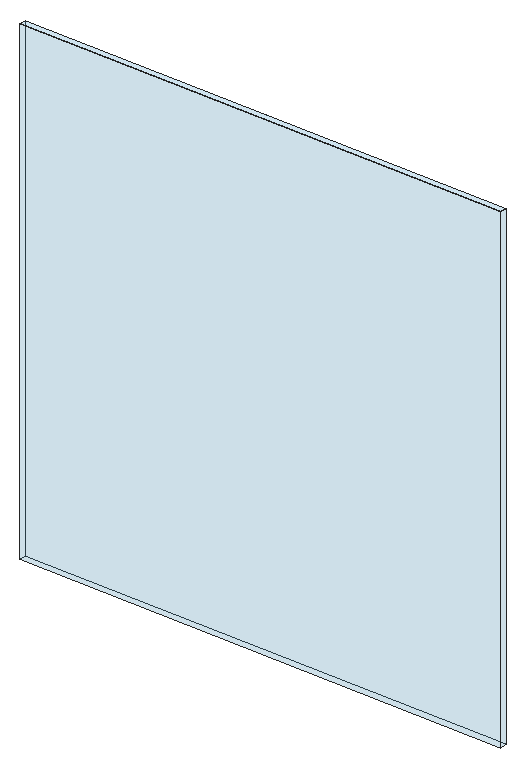
Revit family
Parameters (values of type "72" x 72"")
  Sealant = 0' - 0 3/8"
  Pocket Depth [instance] = 0' - 0 1/2"
  Head Height = Sill Height + Rough Height - Sealant  # 8' - 11 5/8"
  Depth [instance] = 0' - 10"
  Sill Height = 3' - 0"
  Rough Width = 6' - 0"
  Rough Height = 6' - 0"
  Model = "OPG2900"
  Material = ""
  Manufacturer = "Arcadia"
  Sightline = 0' - 2 7/8"
  Height = Rough Height - Sealant - Sealant  # 5' - 11 1/4"
  Wall Closure = (empty or 0)
  Width = Rough Width - Sealant - Sealant  # 5' - 11 1/4"
  Glass Thickness [instance] = 0' - 1"
  Offset to Inside Face of Glass [instance] = 0' - 8 5/16"
  Construction Type = "Aluminum"
  Center of Rough Opening [instance] = Rough Width / 2  # 3' - 0"
  Center of Glass [instance] = Glass Thickness / 2  # 0' - 0 1/2"
  Center Wall to Outside Face [instance] = 0' - 2 7/8"
  Assembly Code = ""
Reference planes (in)
  plane 1 "Center (Front/Back)": y = 0
  plane 2: z = 0
  plane 3 "Center (Left/Right)": x = 12
  plane 4 "Rough Opening Bottom": z = 36
  plane 5 "Rough Opening Top": z = 108
  plane 6 "Exterior Face": y = 2.25
  plane 7 "Frame Top": z = 105.125
  plane 8 "Frame Bottom": z = 38.875
  plane 9 "Rough Opening Left": x = -24
  plane 10 "Rough Opening Right": x = 48
  plane 11 "Frame Left": x = -21.125
  plane 12 "Frame Right": x = 45.125
  plane 13 "Exterior Glass Edge": y = 0.73644
  plane 14 "Interior Glass Edge": y = -0.26356
  plane 15 "Glass Centerline": y = 0.23644
  plane 16 "Frame Outside": y = 1.42394
  plane 17 "Frame Inside": y = -8.57606
  plane 18: z = 105.625
  plane 19: z = 38.375
  plane 20: x = 45.625
  plane 21: x = -21.625
  plane 22: x = 47.625
  plane 23: x = -23.625
  plane 24: z = 107.625
  plane 25: z = 36.375
Forms (in)
  Extrusion 1, solid, material "Anodize Arcadia AC2 Clear #11", detail levels coarse
    sketch origin (0, 0, 36) x (0, -1, 0) y (1, 0, 0)
      loop
        line (-1.42394, -24) -> (8.57606, -24) -> (8.57606, -21.125) -> (0.26356, -21.125) -> (0.26356, -21.625) -> (-0.73644, -21.625) -> (-0.73644, -21.125) -> (-1.42394, -21.125) -> (-1.42394, -24)
    from 0 to 72 <- "Rough Height"
  Extrusion 2, solid, material "Anodize Arcadia AC2 Clear #11", detail levels coarse
    sketch origin (0, 0, 36) x (0, -1, 0) y (1, 0, 0)
      loop
        line (-1.42394, 45.125) -> (-0.73644, 45.125) -> (-0.73644, 45.625) -> (0.26356, 45.625) -> (0.26356, 45.125) -> (8.57606, 45.125) -> (8.57606, 48) -> (-1.42394, 48) -> (-1.42394, 45.125)
    from 0 to 72 <- "Rough Height"
  Extrusion 3, solid, material "Glass"
    sketch origin (-0.5, 0, 36) x (0, -1, 0) y (1, 0, 0)
      loop
        line (-0.73644, -21.125) -> (0.26356, -21.125) -> (0.26356, 46.125) -> (-0.73644, 46.125) -> (-0.73644, -21.125)
    from 2.375 to 69.625
  Extrusion 4, solid, material "Anodize Arcadia AC2 Clear #11", detail levels coarse
    sketch origin (-24, 0, 0) x (0, 1, 0) y (0, 0, 1)
      loop
        line (-8.57606, 108) -> (-8.57606, 105.125) -> (-0.26356, 105.125) -> (-0.26356, 105.625) -> (0.73644, 105.625) -> (0.73644, 105.125) -> (1.42394, 105.125) -> (1.42394, 108) -> (-8.57606, 108)
    from 0 to 72 <- "Rough Width"
  Extrusion 5, solid, material "Anodize Arcadia AC2 Clear #11", detail levels coarse
    sketch origin (-24, 0, 0) x (0, 1, 0) y (0, 0, 1)
      loop
        line (1.42394, 38.875) -> (0.73644, 38.875) -> (0.73644, 38.375) -> (-0.26356, 38.375) -> (-0.26356, 38.875) -> (-8.57606, 38.875) -> (-8.57606, 36) -> (1.42394, 36) -> (1.42394, 38.875)
    from 0 to 72 <- "Rough Width"
  Extrusion 6, void
    sketch origin (0, 0, 36) x (0, -1, 0) y (1, 0, 0)
      loop
        line (-2.25, -24) -> (5.75, -24) -> (5.75, 48) -> (-2.25, 48) -> (-2.25, -24)
    from 0 to 72 <- "Rough Height"
Lines and regions (in)
  symbolic lines, detail levels coarse
    curve 1: line (-24, 1.42394, 0) -> (-21.125, 1.42394, 0)
    curve 2: line (-21.125, 1.42394, 0) -> (-21.125, 0.73644, 0)
    curve 3: line (45.625, 0.73644, 0) -> (-21.625, 0.73644, 0)
    curve 4: line (-21.625, 0.73644, 0) -> (-21.625, -0.26356, 0)
    curve 5: line (-21.625, -0.26356, 0) -> (45.625, -0.26356, 0)
    curve 6: line (-21.125, -0.26356, 0) -> (-21.125, -8.57606, 0)
    curve 7: line (-21.125, -8.57606, 0) -> (-24, -8.57606, 0)
    curve 8: line (-24, -8.57606, 0) -> (-24, 1.42394, 0)
    curve 9: line (48, 1.42394, 0) -> (45.125, 1.42394, 0)
    curve 10: line (45.125, 1.42394, 0) -> (45.125, 0.73644, 0)
    curve 11: line (45.625, 0.73644, 0) -> (45.625, -0.26356, 0)
    curve 12: line (45.125, -0.26356, 0) -> (45.125, -8.57606, 0)
    curve 13: line (45.125, -8.57606, 0) -> (48, -8.57606, 0)
    curve 14: line (48, -8.57606, 0) -> (48, 1.42394, 0)
Text (in)
  text "EXTERIOR" at (-58.6888, 50.90694, 0), in view "Ref. Level"
  text "INTERIOR" at (-58.6888, -37.76638, 0), in view "Ref. Level"
  text "Exterior" at (0, 43.65631, 123.19604), in view "Left"
  text "Exterior" at (0, 18.29385, 125.04747), in view "Right"
Dimensions and locks (in)
  "Rough Height": plane 4 "Rough Opening Bottom" to plane 5 "Rough Opening Top"
  "Sill Height": plane 2 to plane 4 "Rough Opening Bottom"
  "Sightline": plane 7 "Frame Top" to plane 5 "Rough Opening Top"
  "Sightline": plane 4 "Rough Opening Bottom" to plane 8 "Frame Bottom"
  "Rough Width": plane 9 "Rough Opening Left" to plane 10 "Rough Opening Right"
  "Sightline": plane 9 "Rough Opening Left" to plane 11 "Frame Left"
  "Sightline": plane 12 "Frame Right" to plane 10 "Rough Opening Right"
  "Depth": plane 17 "Frame Inside" to plane 16 "Frame Outside"
  "Glass Thickness": plane 13 "Exterior Glass Edge" to plane 14 "Interior Glass Edge"
  "Center of Glass": plane 15 "Glass Centerline" to plane 14 "Interior Glass Edge"
  "Center of Rough Opening": plane 9 "Rough Opening Left" to plane 3 "Center (Left/Right)"
  "Offset to Inside Face of Glass": plane 17 "Frame Inside" to plane 14 "Interior Glass Edge"
  "Pocket Depth": plane 12 "Frame Right" to plane 20
  "Pocket Depth": plane 21 to plane 11 "Frame Left"
  "Pocket Depth": plane 7 "Frame Top" to plane 18
  "Pocket Depth": plane 19 to plane 8 "Frame Bottom"
  "Sealant": plane 22 to plane 10 "Rough Opening Right"
  "Sealant": plane 9 "Rough Opening Left" to plane 23
  "Sealant": plane 24 to plane 5 "Rough Opening Top"
  "Sealant": plane 4 "Rough Opening Bottom" to plane 25
  aligned and locked: plane 6 "Exterior Face" to host wall
  aligned and locked: Extrusion 1 sketch curve to plane 17 "Frame Inside"
  aligned and locked: plane 16 "Frame Outside" to Extrusion 1 sketch curve
  aligned and locked: Extrusion 1 sketch curve to plane 11 "Frame Left"
  aligned and locked: plane 9 "Rough Opening Left" to Extrusion 1 sketch curve
  aligned and locked: plane 12 "Frame Right" to Extrusion 2 sketch curve
  aligned and locked: Extrusion 2 sketch curve to plane 10 "Rough Opening Right"
  aligned and locked: Extrusion 2 sketch curve to plane 17 "Frame Inside"
  aligned and locked: plane 16 "Frame Outside" to Extrusion 2 sketch curve
  aligned and locked: Extrusion 3 sketch curve to plane 13 "Exterior Glass Edge"
  aligned and locked: plane 14 "Interior Glass Edge" to Extrusion 3 sketch curve
  aligned and locked: plane 5 "Rough Opening Top" to Extrusion 4 sketch curve
  aligned and locked: Extrusion 4 sketch curve to plane 7 "Frame Top"
  aligned and locked: Extrusion 4 sketch curve to plane 17 "Frame Inside"
  aligned and locked: plane 16 "Frame Outside" to Extrusion 4 sketch curve
  aligned and locked: Extrusion 5 sketch curve to plane 4 "Rough Opening Bottom"
  aligned and locked: plane 8 "Frame Bottom" to Extrusion 5 sketch curve
  aligned and locked: Extrusion 5 sketch curve to plane 17 "Frame Inside"
  aligned and locked: plane 16 "Frame Outside" to Extrusion 5 sketch curve
  aligned and locked: plane 4 "Rough Opening Bottom" to nested 3
  aligned and locked: nested 2 to plane 5 "Rough Opening Top"
  aligned and locked: plane 19 to Extrusion 3
  aligned and locked: Extrusion 3 to plane 18
  aligned and locked: plane 17 "Frame Inside" to nested 3
  aligned and locked: nested 1 to plane 16 "Frame Outside"
  aligned and locked: plane 10 "Rough Opening Right" to nested 1
  aligned and locked: nested 4 to plane 9 "Rough Opening Left"
  aligned and locked: plane 17 "Frame Inside" to nested 4
  aligned and locked: plane 13 "Exterior Glass Edge" to Extrusion 5 sketch curve
  aligned and locked: Extrusion 5 sketch curve to plane 14 "Interior Glass Edge"
  aligned and locked: plane 19 to Extrusion 5 sketch curve
  aligned and locked: Extrusion 4 sketch curve to plane 13 "Exterior Glass Edge"
  aligned and locked: plane 18 to Extrusion 4 sketch curve
  aligned and locked: plane 14 "Interior Glass Edge" to Extrusion 4 sketch curve
  aligned and locked: plane 14 "Interior Glass Edge" to Extrusion 2 sketch curve
  aligned and locked: Extrusion 2 sketch curve to plane 20
  aligned and locked: Extrusion 2 sketch curve to plane 13 "Exterior Glass Edge"
  aligned and locked: Extrusion 1 sketch curve to plane 14 "Interior Glass Edge"
  aligned and locked: Extrusion 1 sketch curve to plane 21
  aligned and locked: plane 13 "Exterior Glass Edge" to Extrusion 1 sketch curve
  aligned and locked: plane 16 "Frame Outside" to curve 1
  aligned and locked: plane 9 "Rough Opening Left" to curve 8
  aligned and locked: curve 2 to plane 11 "Frame Left"
  aligned and locked: curve 6 to plane 11 "Frame Left"
  aligned and locked: curve 4 to plane 21
  aligned and locked: curve 7 to plane 17 "Frame Inside"
  aligned and locked: curve 5 to plane 14 "Interior Glass Edge"
  aligned and locked: plane 13 "Exterior Glass Edge" to curve 3
  aligned and locked: curve 10 to plane 12 "Frame Right"
  aligned and locked: curve 12 to plane 12 "Frame Right"
  aligned and locked: curve 11 to plane 20
  aligned and locked: plane 10 "Rough Opening Right" to curve 14
  aligned and locked: curve 9 to plane 16 "Frame Outside"
  aligned and locked: plane 17 "Frame Inside" to curve 13
  aligned and locked: nested 2 to plane 16 "Frame Outside"
  aligned and locked: plane 9 "Rough Opening Left" to import instance
  aligned and locked: import instance to plane 16 "Frame Outside"
  aligned and locked: plane 10 "Rough Opening Right" to import instance
  aligned and locked: plane 16 "Frame Outside" to import instance
  aligned and locked: import instance to plane 17 "Frame Inside"
  aligned and locked: plane 5 "Rough Opening Top" to import instance
  aligned and locked: plane 17 "Frame Inside" to import instance
  aligned and locked: import instance to plane 4 "Rough Opening Bottom"
  aligned and locked: level to plane 2
  aligned and locked: plane 9 "Rough Opening Left" to Extrusion 6 sketch curve
  aligned and locked: plane 6 "Exterior Face" to Extrusion 6 sketch curve
  aligned and locked: host wall to Extrusion 6 sketch curve
  aligned and locked: plane 10 "Rough Opening Right" to Extrusion 6 sketch curve
Automatic sketch dimensions
  Extrusion 3 sketch curve to plane 21 = 0' - 0"
  Extrusion 3 sketch curve to plane 20 = 0' - 0"
  Extrusion 5 sketch curve to plane 8 "Frame Bottom" = 0' - 0"
  Extrusion 4 sketch curve to plane 7 "Frame Top" = 0' - 0"
  Extrusion 2 sketch curve to plane 12 "Frame Right" = 0' - 0"
  Extrusion 1 sketch curve to plane 11 "Frame Left" = 0' - 0"
Nested families (in)
  nested 1: "Window-Arcadia-OPG23011-Med-Jamb-R" at (46.9375, 0.23644, 0) x (-1, 0, 0) z (0, 0, 1), type "Window-Arcadia-OPG23011Med-Jamb-R", detail levels medium
    with Sightline 0' - 2 7/8", Pocket Depth 0' - 0 1/2", Offset to Inside Face of Glass 0' - 8 5/16", Glass Width 0' - 1", Frame Wall Thickness 0' - 0 3/32", Depth 0' - 10", Center of Glass 0' - 0 1/2"
  nested 2: "Window-Arcadia-OPG23011-Med-Head" at (33.875, 0.23644, 108) x (0, -1, 0) z (1, 0, 0), type "Window-Arcadia-OPG23011-Med-Head", detail levels medium
    with Sightline 0' - 2 7/8", Pocket Depth 0' - 0 1/2", Offset to Inside Face of Glass 0' - 8 5/16", Glass Width 0' - 1", Frame Wall Thickness 0' - 0 3/32", Depth 0' - 10", Center of Glass 0' - 0 1/2"
  nested 3: "Window-Arcadia-OPG23011-Med-Sill" at (33.875, 0.23644, 36) x (0, -1, 0) z (1, 0, 0), type "Window-Arcadia-OPG23011-Med-Sill", detail levels medium
    with Sightline 0' - 2 7/8", Pocket Depth 0' - 0 1/2", Offset to Inside Face of Glass 0' - 8 5/16", Glass Width 0' - 1", Frame Wall Thickness 0' - 0 3/32", Depth 0' - 10", Center of Glass 0' - 0 1/2"
  nested 4: "Window-Arcadia-OPG23011-Med-Jamb-L" at (-22.9375, 0.23644, 0) x (-1, 0, 0) z (0, 0, 1), type "Window-Arcadia-OPG23011Med-Jamb-L", detail levels medium
    with Sightline 0' - 2 7/8", Pocket Depth 0' - 0 1/2", Offset to Inside Face of Glass 0' - 8 5/16", Glass Width 0' - 1", Frame Wall Thickness 0' - 0 3/32", Depth 0' - 10", Center of Glass 0' - 0 1/2"
Definition of nested family "Window-Arcadia-OPG23011-Med-Jamb-R"
  Parameters (values of type "Window-Arcadia-TC670-Med-Jamb-R")
    Depth [instance] = 0' - 6"
    Pocket Depth [instance] = 0' - 0 3/4"
    Offset to Inside Face of Glass [instance] = 0' - 4"
    Glass Width [instance] = 0' - 1"
    Sightline [instance] = 0' - 2 5/8"
    Center of Glass [instance] = Glass Width / 2  # 0' - 0 1/2"
    Frame Wall Thickness [instance] = 0' - 0 3/32"
    Assembly Code = ""
  Reference planes (in)
    plane 1 "Center (Front/Back)": y = 0
    plane 2: z = 0
    plane 3: x = 1.5625
    plane 4 "back": x = -1.0625
    plane 5: y = 4.5
    plane 6: y = -1.5
    plane 7 "Inside Face of Glass": y = 0.5
    plane 8: y = -0.5
    plane 9: x = 0.8125
  Lines and regions (in)
    detail lines, in view "Ref. Level", detail levels medium
      curve 1: line (-1.0625, 4.5, 0) -> (-1.0625, -1.5, 0)
      curve 2: line (-1.0625, -1.5, 0) -> (1.5625, -1.5, 0)
      curve 3: line (1.5625, -1.5, 0) -> (1.5625, -0.5, 0)
      curve 4: line (1.5625, -0.5, 0) -> (0.8125, -0.5, 0)
      curve 5: line (0.8125, -0.5, 0) -> (0.8125, 0.5, 0)
      curve 6: line (0.8125, 0.5, 0) -> (1.5625, 0.5, 0)
      curve 7: line (1.5625, 0.5, 0) -> (1.5625, 4.5, 0)
      curve 8: line (1.5625, 4.5, 0) -> (-1.0625, 4.5, 0)
      curve 9: line (1.46875, 4.40625, 0) -> (-0.96875, 4.40625, 0)
      curve 10: line (-0.96875, 4.40625, 0) -> (-0.96875, -1.40625, 0)
      curve 11: line (-0.96875, -1.40625, 0) -> (1.46875, -1.40625, 0)
      curve 12: line (1.46875, -1.40625, 0) -> (1.46875, -0.59375, 0)
      curve 13: line (1.46875, -0.59375, 0) -> (0.71875, -0.59375, 0)
      curve 14: line (0.71875, -0.59375, 0) -> (0.71875, 0.59375, 0)
      curve 15: line (0.71875, 0.59375, 0) -> (1.46875, 0.59375, 0)
      curve 16: line (1.46875, 0.59375, 0) -> (1.46875, 4.40625, 0)
      curve 17: line (1.5625, 4.5, 0) -> (-1.0625, 4.5, 0)
      curve 18: line (-1.0625, 4.40625, 0) -> (-1.0625, -1.5, 0)
  Dimensions and locks (in)
    "Sightline": plane 4 "back" to plane 3
    "Depth": plane 5 to plane 6
    "Center of Glass": plane 1 "Center (Front/Back)" to plane 7 "Inside Face of Glass"
    "Glass Width": plane 8 to plane 7 "Inside Face of Glass"
    "Pocket Depth": plane 9 to plane 3
    "Offset to Inside Face of Glass": plane 5 to plane 7 "Inside Face of Glass"
    "Frame Wall Thickness": plane 5 to curve 9
    "Frame Wall Thickness": plane 4 "back" to curve 10
    "Frame Wall Thickness": curve 11 to plane 6
    "Frame Wall Thickness": curve 12 to plane 3
    "Frame Wall Thickness": curve 13 to plane 8
    "Frame Wall Thickness": plane 7 "Inside Face of Glass" to curve 15
    "Frame Wall Thickness": curve 14 to plane 9
    "Frame Wall Thickness": curve 16 to plane 3
    aligned and locked: plane 5 to curve 8
    aligned and locked: curve 1 to plane 4 "back"
    aligned and locked: curve 2 to plane 6
    aligned and locked: plane 3 to curve 3
    aligned and locked: curve 4 to plane 8
    aligned and locked: plane 9 to curve 5
    aligned and locked: plane 7 "Inside Face of Glass" to curve 6
    aligned and locked: plane 3 to curve 7
  Automatic sketch dimensions
    curve 18 to curve 9 = 0' - 0"
Definition of nested family "Window-Arcadia-OPG23011-Med-Head"
  Parameters (values of type "Window-Arcadia-A400-Med-Head")
    Depth [instance] = 0' - 6"
    Pocket Depth [instance] = 0' - 0 1/2"
    Offset to Inside Face of Glass [instance] = 0' - 4"
    Glass Width [instance] = 0' - 1"
    Sightline [instance] = 0' - 2 5/8"
    Center of Glass [instance] = Glass Width / 2  # 0' - 0 1/2"
    Frame Wall Thickness [instance] = 0' - 0 3/32"
    Assembly Code = ""
  Reference planes (in)
    plane 1 "Center (Front/Back)": y = 0
    plane 2: z = 0
    plane 3 "Center (Left/Right)": x = 0
    plane 4: x = -0.5
    plane 5 "Inside Face of Glass": x = 0.5
    plane 6: y = -2.625
    plane 7: x = 4.5
    plane 8: x = -1.5
    plane 9: y = -2.125
  Lines and regions (in)
    detail lines, in view "Ref. Level", detail levels medium
      curve 1: line (-1.5, 0, 0) -> (-1.5, -2.625, 0)
      curve 2: line (-1.5, -2.625, 0) -> (-0.5, -2.625, 0)
      curve 3: line (-0.5, -2.625, 0) -> (-0.5, -2.125, 0)
      curve 4: line (-0.5, -2.125, 0) -> (0.5, -2.125, 0)
      curve 5: line (0.5, -2.125, 0) -> (0.5, -2.625, 0)
      curve 6: line (0.5, -2.625, 0) -> (4.5, -2.625, 0)
      curve 7: line (4.5, -2.625, 0) -> (4.5, 0, 0)
      curve 8: line (4.5, 0, 0) -> (-1.5, 0, 0)
      curve 9: line (-1.40625, -0.09375, 0) -> (-1.40625, -2.53125, 0)
      curve 10: line (4.40625, -0.09375, 0) -> (-1.40625, -0.09375, 0)
      curve 11: line (4.40625, -2.53125, 0) -> (4.40625, -0.09375, 0)
      curve 12: line (0.59375, -2.53125, 0) -> (4.40625, -2.53125, 0)
      curve 13: line (-1.40625, -2.53125, 0) -> (-0.59375, -2.53125, 0)
      curve 14: line (-0.59375, -2.53125, 0) -> (-0.59375, -2.03125, 0)
      curve 15: line (-0.59375, -2.03125, 0) -> (0.59375, -2.03125, 0)
      curve 16: line (0.59375, -2.03125, 0) -> (0.59375, -2.53125, 0)
  Dimensions and locks (in)
    "Sightline": plane 6 to plane 1 "Center (Front/Back)"
    "Depth": plane 8 to plane 7
    "Pocket Depth": plane 6 to plane 9
    "Offset to Inside Face of Glass": plane 5 "Inside Face of Glass" to plane 7
    "Glass Width": plane 4 to plane 5 "Inside Face of Glass"
    "Center of Glass": plane 3 "Center (Left/Right)" to plane 5 "Inside Face of Glass"
    "Frame Wall Thickness": plane 8 to curve 9
    "Frame Wall Thickness": curve 10 to plane 1 "Center (Front/Back)"
    "Frame Wall Thickness": curve 11 to plane 7
    "Frame Wall Thickness": plane 6 to curve 12
    "Frame Wall Thickness": plane 6 to curve 13
    "Frame Wall Thickness": plane 9 to curve 15
    "Frame Wall Thickness": plane 5 "Inside Face of Glass" to curve 16
    "Frame Wall Thickness": curve 14 to plane 4
    aligned and locked: curve 8 to plane 1 "Center (Front/Back)"
    aligned and locked: plane 7 to curve 7
    aligned and locked: curve 1 to plane 8
    aligned and locked: plane 9 to curve 4
    aligned and locked: plane 4 to curve 3
    aligned and locked: plane 6 to curve 2
    aligned and locked: plane 6 to curve 6
  Automatic sketch dimensions
    curve 5 to plane 5 "Inside Face of Glass" = 0' - 0"
Definition of nested family "Window-Arcadia-OPG23011-Med-Sill"
  Parameters (values of type "Window-Arcadia-A400-Med-Sill")
    Depth [instance] = 0' - 6"
    Pocket Depth [instance] = 0' - 0 1/2"
    Offset to Inside Face of Glass [instance] = 0' - 4"
    Glass Width [instance] = 0' - 1"
    Sightline [instance] = 0' - 2 5/8"
    Center of Glass [instance] = Glass Width / 2  # 0' - 0 1/2"
    Frame Wall Thickness [instance] = 0' - 0 3/32"
    Assembly Code = ""
  Reference planes (in)
    plane 1 "Center (Front/Back)": y = 0
    plane 2: z = 0
    plane 3 "Center (Left/Right)": x = 0
    plane 4: x = -0.5
    plane 5 "Inside Face of Glass": x = 0.5
    plane 6: y = 2.625
    plane 7: x = 4.5
    plane 8: x = -1.5
    plane 9: y = 2.125
  Lines and regions (in)
    detail lines, in view "Ref. Level", detail levels medium
      curve 1: line (-1.5, 2.625, 0) -> (-1.5, 0, 0)
      curve 2: line (-1.5, 0, 0) -> (4.5, 0, 0)
      curve 3: line (4.5, 0, 0) -> (4.5, 2.625, 0)
      curve 4: line (4.5, 2.625, 0) -> (0.5, 2.625, 0)
      curve 5: line (0.5, 2.625, 0) -> (0.5, 2.125, 0)
      curve 6: line (0.5, 2.125, 0) -> (-0.5, 2.125, 0)
      curve 7: line (-0.5, 2.125, 0) -> (-0.5, 2.625, 0)
      curve 8: line (-0.5, 2.625, 0) -> (-1.5, 2.625, 0)
      curve 9: line (-0.59375, 2.53125, 0) -> (-1.40625, 2.53125, 0)
      curve 10: line (-1.40625, 2.53125, 0) -> (-1.40625, 0.09375, 0)
      curve 11: line (-1.40625, 0.09375, 0) -> (4.40625, 0.09375, 0)
      curve 12: line (4.40625, 0.09375, 0) -> (4.40625, 2.53125, 0)
      curve 13: line (4.40625, 2.53125, 0) -> (0.59375, 2.53125, 0)
      curve 14: line (0.59375, 2.53125, 0) -> (0.59375, 2.03125, 0)
      curve 15: line (0.59375, 2.03125, 0) -> (-0.59375, 2.03125, 0)
      curve 16: line (-0.59375, 2.03125, 0) -> (-0.59375, 2.53125, 0)
  Dimensions and locks (in)
    "Pocket Depth": plane 9 to plane 6
    "Sightline": plane 1 "Center (Front/Back)" to plane 6
    "Depth": plane 8 to plane 7
    "Offset to Inside Face of Glass": plane 5 "Inside Face of Glass" to plane 7
    "Glass Width": plane 4 to plane 5 "Inside Face of Glass"
    "Center of Glass": plane 3 "Center (Left/Right)" to plane 5 "Inside Face of Glass"
    "Frame Wall Thickness": curve 9 to plane 6
    "Frame Wall Thickness": plane 8 to curve 10
    "Frame Wall Thickness": plane 1 "Center (Front/Back)" to curve 11
    "Frame Wall Thickness": curve 12 to plane 7
    "Frame Wall Thickness": curve 13 to plane 6
    "Frame Wall Thickness": plane 5 "Inside Face of Glass" to curve 14
    "Frame Wall Thickness": curve 15 to plane 9
    "Frame Wall Thickness": curve 16 to plane 4
    aligned and locked: plane 1 "Center (Front/Back)" to curve 2
    aligned and locked: plane 7 to curve 3
    aligned and locked: curve 1 to plane 8
    aligned and locked: curve 8 to plane 6
    aligned and locked: curve 4 to plane 6
    aligned and locked: curve 6 to plane 9
    aligned and locked: curve 5 to plane 5 "Inside Face of Glass"
    aligned and locked: plane 4 to curve 7
  Automatic sketch dimensions
    curve 7 to plane 9 = 0' - 0"
Definition of nested family "Window-Arcadia-OPG23011-Med-Jamb-L"
  Parameters (values of type "Window-Arcadia-TC670-Med-Jamb-L")
    Depth [instance] = 0' - 6"
    Pocket Depth [instance] = 0' - 0 1/2"
    Offset to Inside Face of Glass [instance] = 0' - 4"
    Glass Width [instance] = 0' - 1"
    Sightline [instance] = 0' - 2 1/8"
    Center of Glass [instance] = Glass Width / 2  # 0' - 0 1/2"
    Frame Wall Thickness [instance] = 0' - 0 3/32"
    Assembly Code = ""
  Reference planes (in)
    plane 1 "Center (Front/Back)": y = 0
    plane 2: z = 0
    plane 3 "BACK": x = 1.0625
    plane 4 "FRONT": x = -1.0625
    plane 5: y = 1.5
    plane 6: y = -4.5
    plane 7 "Inside Face of Glass": y = 0.5
    plane 8: y = -0.5
    plane 9: x = -0.5625
  Lines and regions (in)
    detail lines, in view "Ref. Level", detail levels medium
      curve 1: line (1.0625, 1.5, 0) -> (1.0625, -4.5, 0)
      curve 2: line (1.0625, -4.5, 0) -> (-1.0625, -4.5, 0)
      curve 3: line (-1.0625, -4.5, 0) -> (-1.0625, -0.5, 0)
      curve 4: line (-1.0625, -0.5, 0) -> (-0.5625, -0.5, 0)
      curve 5: line (-0.5625, -0.5, 0) -> (-0.5625, 0.5, 0)
      curve 6: line (-0.5625, 0.5, 0) -> (-1.0625, 0.5, 0)
      curve 7: line (-1.0625, 0.5, 0) -> (-1.0625, 1.5, 0)
      curve 8: line (-1.0625, 1.5, 0) -> (1.0625, 1.5, 0)
      curve 9: line (-0.96875, 1.40625, 0) -> (0.96875, 1.40625, 0)
      curve 10: line (-0.96875, 0.59375, 0) -> (-0.96875, 1.40625, 0)
      curve 11: line (-0.46875, 0.59375, 0) -> (-0.96875, 0.59375, 0)
      curve 12: line (-0.46875, -0.59375, 0) -> (-0.46875, 0.59375, 0)
      curve 13: line (-0.96875, -0.59375, 0) -> (-0.46875, -0.59375, 0)
      curve 14: line (-0.96875, -4.40625, 0) -> (-0.96875, -0.59375, 0)
      curve 15: line (0.96875, -4.40625, 0) -> (-0.96875, -4.40625, 0)
      curve 16: line (0.96875, 1.40625, 0) -> (0.96875, -4.40625, 0)
  Dimensions and locks (in)
    "Depth": plane 5 to plane 6
    "Pocket Depth": plane 4 "FRONT" to plane 9
    "Sightline": plane 4 "FRONT" to plane 3 "BACK"
    "Glass Width": plane 8 to plane 7 "Inside Face of Glass"
    "Center of Glass": plane 1 "Center (Front/Back)" to plane 7 "Inside Face of Glass"
    "Frame Wall Thickness": plane 4 "FRONT" to curve 10
    "Frame Wall Thickness": plane 5 to curve 9
    "Frame Wall Thickness": curve 15 to plane 6
    "Frame Wall Thickness": curve 13 to plane 8
    "Frame Wall Thickness": plane 9 to curve 12
    "Frame Wall Thickness": plane 7 "Inside Face of Glass" to curve 11
    "Frame Wall Thickness": plane 4 "FRONT" to curve 14
    "Offset to Inside Face of Glass": plane 6 to plane 8
    aligned and locked: curve 8 to plane 5
    aligned and locked: curve 1 to plane 3 "BACK"
    aligned and locked: plane 6 to curve 2
    aligned and locked: curve 3 to plane 4 "FRONT"
    aligned and locked: plane 8 to curve 4
    aligned and locked: plane 9 to curve 5
    aligned and locked: curve 6 to plane 7 "Inside Face of Glass"
    aligned and locked: plane 4 "FRONT" to curve 7
  Automatic sketch dimensions
    curve 16 to plane 3 "BACK" = 0' - 0 3/32"
